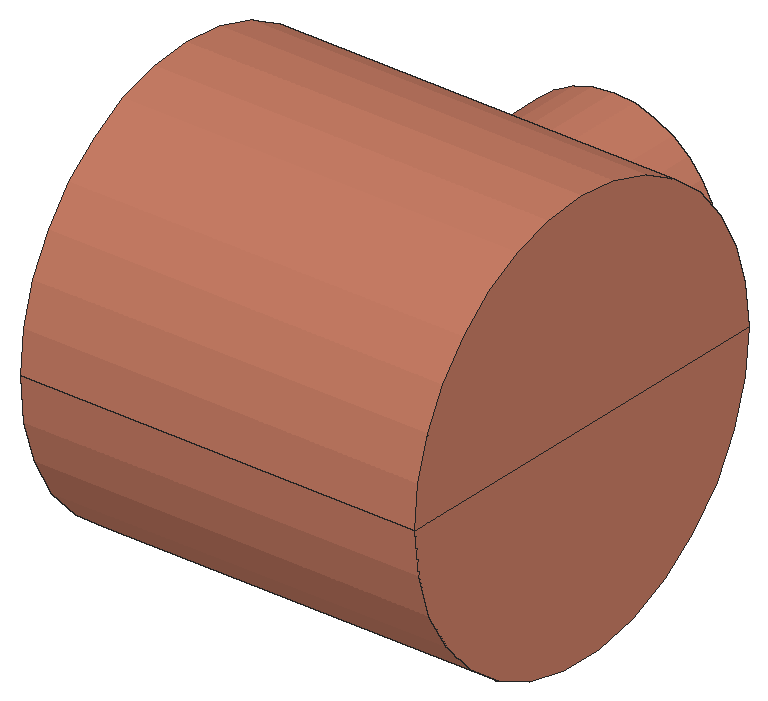
Revit family "Fittings_HighPressure_ReducingTee_Ardent_REECE", category Pipe Fittings, Revit 2019
Family settings
  Round Connector Dimension = Use Diameter
  Part Type = Tee
  OmniClass Number = 23.60.30.11.14
  OmniClass Title = Pipework Fittings
  Work Plane-Based = No
  Always vertical = Yes
  Cut with Voids When Loaded = No
  Shared = No
Parameters (values of type "Standard")
  ModifiedIssue_ANZRS = 20151010.54  # constant formula
  built-in parameter 1114238 [instance] = and(T1 = 1.50 mm)  # (empty or 0)
  FittingType = "ReducingTee"  # constant formula
  FittingAngle [instance] = 90.00°  # constant formula
  D2 [instance] = size_lookup(Lookup Table Name, "ØA2", NominalDiameter2 * 0.99, NominalDiameter1, NominalDiameter2)  # 50.82 mm
  D1 [instance] = size_lookup(Lookup Table Name, "ØA1", NominalDiameter1 * 0.995, NominalDiameter1, NominalDiameter2)  # 101.65 mm
  URL = "http://www.reece.com.au/"
  Type Comments = "Manufactured to comply and marked in accordance with Australian Standards AS1432 and AS3688"  # constant formula
  T2 [instance] = size_lookup(Lookup Table Name, "T2", 1.50 mm, NominalDiameter1, NominalDiameter2)  # 1.09 mm
  T1 [instance] = size_lookup(Lookup Table Name, "T1", 1.50 mm, NominalDiameter1, NominalDiameter2)  # 1.47 mm
  NominalDiameter2 [instance] = 50.00 mm
  NominalDiameter1 [instance] = 100.00 mm
  Model = "Ardent H/P Reducing Tee"  # constant formula
  Material = Reece_Copper
  Manufacturer = "Reece"  # constant formula
  Lookup Table Name = "Fittings_HighPressure_ReducingTee_Ardent_REECE"
  L2 [instance] = size_lookup(Lookup Table Name, "L2", NominalDiameter2 * 0.45, NominalDiameter1, NominalDiameter2)  # 13.00 mm
  L1 [instance] = size_lookup(Lookup Table Name, "L1", NominalDiameter1 * 0.25, NominalDiameter1, NominalDiameter2)  # 15.00 mm
  Description = "TBC"  # constant formula
  CustomFitting [instance] = and(T1 = 1.50 mm)  # no
  CreatedByURL_ANZRS = "http://www.thinkbimmepaus.com.au/"
  CreatedBy = "A2K Technologies"  # constant formula
  B [instance] = size_lookup(Lookup Table Name, "B", NominalDiameter2 * 1.35, NominalDiameter1, NominalDiameter2)  # 72.00 mm
  A [instance] = size_lookup(Lookup Table Name, "A", NominalDiameter1 * 1.39, NominalDiameter1, NominalDiameter2)  # 99.00 mm
Reference planes
  plane 1 "Center (Front/Back)": y = 0
  plane 2: z = 0
  plane 3 "Center (Left/Right)": x = 0
  plane 4: x = 25.41
  plane 5: x = 26.5
  plane 6 "Right": x = 49.5
  plane 7: y = 52.295
  plane 8: y = -52.295
  plane 9: x = -25.41
  plane 10: x = -26.5
  plane 11 "Left": x = -49.5
  plane 12: y = 50.825
  plane 13: y = -50.825
  plane 14: y = 72
  plane 15: x = -34.5
  plane 16: x = 34.5
  plane 17: y = 59
Forms (mm)
  Revolve 1, solid, material "Reece_Copper" <- "Material", detail levels fine
    sketch origin (0, 0, 0) x (1, 0, 0) y (0, 1, 0)
      loop
        line (-49.5, 0) -> (-49.5, -52.295) -> (49.5, -52.295) -> (49.5, 0) -> (-49.5, 0)
      axis (-49.5, 0) -> (49.5, 0)
    angle from 0 to 360
  Revolve 2, solid, material "Reece_Copper" <- "Material", detail levels fine
    sketch origin (0, 0, 0) x (1, 0, 0) y (0, 1, 0)
      loop
        line (0, 72) -> (0, 0) -> (26.5, 0) -> (26.5, 72) -> (0, 72)
      axis (0, 72) -> (0, 0)
    angle from 0 to 360
Cuts and joins
  joined: Revolve 1, Revolve 2
Lines and regions (mm)
  model lines, detail levels coarse+medium
    curve 1: line (-34.5, 0, 0) -> (34.5, 0, 0)
    curve 2: line (0, 59, 0) -> (0, 0, 0)
    curve 3: line (-34.5, 50.825, 0) -> (-34.5, -50.825, 0)
    curve 4: line (26.5, 50.825, 0) -> (26.5, -50.825, 0)
    curve 5: line (-25.41, 59, 0) -> (25.41, 59, 0)
Dimensions and locks
  equal spacing: plane 12, plane 1 "Center (Front/Back)", plane 13
  "D1": plane 12 to plane 13
  equal spacing: plane 9, plane 3 "Center (Left/Right)", plane 4
  "D2": plane 9 to plane 4
  "T2": plane 4 to plane 5
  "T2": plane 10 to plane 9
  "T1": plane 7 to plane 12
  "T1": plane 8 to plane 13
  "L1": plane 11 "Left" to plane 15
  "L1": plane 16 to plane 6 "Right"
  "A": plane 11 "Left" to plane 6 "Right"
  equal spacing: plane 11 "Left", plane 3 "Center (Left/Right)", plane 6 "Right"
  "B": plane 1 "Center (Front/Back)" to plane 14
  "L2": plane 14 to plane 17
  locked: connector elem to plane 1 "Center (Front/Back)" at 0  (x2)
  locked: connector elem to plane 2 at 0  (x2)
  locked: connector elem to plane 2
  locked: connector elem to plane 3 "Center (Left/Right)" at 0
  aligned and locked: level to plane 2
  aligned and locked: plane 1 "Center (Front/Back)" to Revolve 1 sketch curve
  aligned and locked: plane 11 "Left" to Revolve 1 sketch curve
  aligned and locked: plane 6 "Right" to Revolve 1 sketch curve
  aligned and locked: Revolve 1 sketch curve to Revolve 1 sketch curve
  aligned and locked: Revolve 1 sketch curve to plane 11 "Left"
  aligned and locked: Revolve 1 sketch curve to plane 8
  aligned and locked: Revolve 1 sketch curve to plane 6 "Right"
  aligned and locked: Revolve 2 sketch curve to plane 3 "Center (Left/Right)"
  aligned and locked: plane 1 "Center (Front/Back)" to Revolve 2 sketch curve
  aligned and locked: Revolve 2 sketch curve to plane 14
  aligned and locked: Revolve 2 sketch curve to Revolve 2 sketch curve
  aligned and locked: Revolve 2 sketch curve to plane 1 "Center (Front/Back)"
  aligned and locked: Revolve 2 sketch curve to plane 5
  aligned and locked: plane 17 to curve 2
  aligned and locked: plane 1 "Center (Front/Back)" to curve 2
  aligned and locked: curve 2 to plane 3 "Center (Left/Right)"
  aligned and locked: plane 15 to curve 1
  aligned and locked: plane 16 to curve 1
  aligned and locked: plane 1 "Center (Front/Back)" to curve 1
  aligned and locked: plane 9 to curve 5
  aligned and locked: plane 4 to curve 5
  aligned and locked: curve 5 to plane 17
  aligned and locked: plane 12 to curve 3
  aligned and locked: plane 13 to curve 3
  aligned and locked: curve 3 to plane 15
  aligned and locked: plane 12 to curve 4
  aligned and locked: plane 13 to curve 4
  aligned and locked: curve 4 to plane 5
Automatic sketch dimensions
  Revolve 2 sketch curve to plane 14 = 0.00 mm
Connectors
  piping at (34.5, 0, 0), diameter 100, driven by "NominalDiameter1"
    settings: on plane 16, index 4, connector inside diameter 609.6 mm, connector length 0.00 mm, flow factor 0, pipe flow 0.0 L/s, pressure drop 0.0 Pa, fitting loss kfactor 0, connector angle 0.00°, fixture units 0, engagement length 0.00 mm, angle of deflection 0.00°, flow configuration 0, flow direction 0, fitting loss method 0, system type 28, joint type 0, gender type 0, connector reference index 5, connector utility 0, adjustable connector no, is connector primary no, connector description ""
  piping at (-34.5, 0, 0), diameter 100, driven by "NominalDiameter1"
    settings: on plane 15, index 5, connector inside diameter 609.6 mm, connector length 0.00 mm, flow factor 0, pipe flow 0.0 L/s, pressure drop 0.0 Pa, fitting loss kfactor 0, connector angle 0.00°, fixture units 0, engagement length 0.00 mm, angle of deflection 0.00°, flow configuration 0, flow direction 0, fitting loss method 0, system type 28, joint type 0, gender type 0, connector reference index 4, connector utility 0, adjustable connector no, is connector primary yes, connector description ""
  piping at (0, 59, 0), diameter 50, driven by "NominalDiameter2"
    settings: on plane 17, index 6, connector inside diameter 609.6 mm, connector length 0.00 mm, flow factor 0, pipe flow 0.0 L/s, pressure drop 0.0 Pa, fitting loss kfactor 0, connector angle 0.00°, fixture units 0, engagement length 0.00 mm, angle of deflection 0.00°, flow configuration 0, flow direction 0, fitting loss method 0, system type 28, joint type 0, gender type 0, connector reference index -1, connector utility 0, adjustable connector no, is connector primary no, connector description ""
